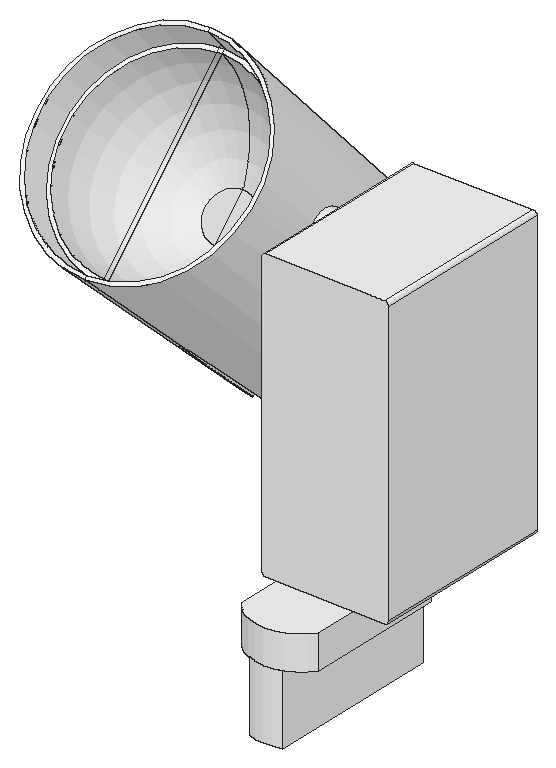
Revit family "0004876 Feilo Sylvania Lighting Fixture START TRACK SPOT S 24W 4K RA90 WB WHITE", category Lighting Fixtures, host Face, Revit 2017
Family settings
  Host = Face
  Round Connector Dimension = Use Diameter
  Part Type = Normal
  OmniClass Number = 23.80.70.00
  OmniClass Title = Lighting
  Cut with Voids When Loaded = No
  Light Source = No
  Shared = No
  Room Calculation Point = No
Parameters (values of type "0004876 START TRACK SPOT S 24W 4K RA90 WB WHITE")
  Weight = "0.966 kg"
  Wattage Comments = ""
  WarrantyStartDate [instance] = "n/a"
  WarrantyGuarantorParts = "n/a"
  WarrantyDurationUnit = "n/a"
  WarrantyDurationParts = "n/a"
  WarrantyDescription = "n/a"
  Voltage = 230 V
  URL = "http://www.sylvania-lighting.com"
  TypeName = "START TRACK SPOT S 24W 4K RA90 WB WHITE"
  TypeHead_FEILO = Start Track Spot Head : 0004876 START TRACK SPOT S 24W 4K RA90 WB WHITE
  TypeBox_FEILO = Start Track Spot Box : Type Small White
  Type Image = <None>
  Type Comments = "n/a"
  VerticalRotation_FEILO [instance] = 0.00°
  SlideEndAngle_FEILO [instance] = VerticalRotation_FEILO + 180.00°  # 180.00°
  SerialNumber [instance] = "n/a"
  Material_3_FEILO = none
  PowerFactor = 0.95
  PowerConsumption = "24 W"
  NominalLength = 0 mm
  NominalHeight = 200 mm
  NominalDepth = 140 mm
  Name = "START TRACK SPOT S 24W 4K RA90 WB WHITE"
  ModelReference = Name  # "START TRACK SPOT S 24W 4K RA90 WB WHITE"
  ModelNumber = "0004876"
  Model = Name  # "START TRACK SPOT S 24W 4K RA90 WB WHITE"
  Material = "adc12 aluminium housing, polycarbonate diffuser"
  ManufacturerName = "Feilo Sylvania"
  Manufacturer = "Feilo Sylvania"
  LuminousEfficacy = "87 lm/W"
  LuminaireType = ""
  LightOutputRatio = "100"
  LampsType = Lamp  # "LED"
  LampNominalLuminous = "2087 lm"
  LampMacAdamStep = "3"
  LampColourTemperature = "4000 K"
  LampColourRenderingIndex = "90"
  Lamp = "LED"
  Keynote = "16500"
  InstallationDate [instance] = "n/a"
  InputVoltage = "230-240V~"
  InputNominalFrequency = "50/60 Hz"
  IngressProtection = "IP20"
  ImpactProtectionIndex = "IK02"
  IfcExportType = "IfcLightFixtureType"
  IfcExportAs = "IfcLightFixtureType"
  HorizontalRotation_FEILO [instance] = 45.00°
  ExpectedLife = 50000
  ElectricShockClassification = "Class II"
  DurationUnit = "hours"
  DocumentationLiterature = "http://www.sylvania-lighting.com/product/en-int/products/0004876"
  DimmingControlOptions = "Non dimmable"
  Material_2_FEILO = none
  Description = "Integrated LED spotlight, Textured White - RAL9016, compact and minimalist design, ideal for retail applications, die-cast aluminium body, passive cooling heatsink. Beam angle: 64°, color temperature: 4000K , total system power: 24W, total fixture output: 2087 lm, LOR: 100%, colour rendering: Ra: 90 typical, LED Chromaticity: 3 step MacAdam ellipse, lifetime: >50000 hours at L70B50, energy class: A++, A+, A, IR/UV free light source without heat radiation, operating voltage: 220-240V / 50-60Hz, drive current: 600mA, electronic driver, non-dimmable, power factor: 0.95, electrical protection: Class II, Global Track 3 Phase adapter suitable for Global trac 3-circuit tracks, ingress protection rating: IP20, suitable for internal environment only, horizontal rotation: 355°, vertical tilt: 90°, dimensions: Ø86x140x200, weight: 0.966kg."
  Default Elevation = 1219.2 mm
  CreatedOn = "12/12/2017"
  CreatedBy = ""
  Cost = 0
  built-in parameter 1114216 [instance] = (empty or 0)
  ClassificationValue = "EF_70_80"
  ClassificationName = "Uniclass2015"
  Material_1_FEILO = Body-Sylvania-StartTrackSpot-White
  BarCode [instance] = "n/a"
  AssetType = "Fixed"
  AssetIdentifier [instance] = "n/a"
  Assembly Code = "D5020200"
  Apparent Load = 24 VA
  Material_4_FEILO = none
Reference planes
  plane 1 "Center (Front/Back)": y = 0
  plane 2: z = 0
  plane 3 "Center (Left/Right)": x = 0
  plane 4: x = 15
  plane 5: x = -15
  plane 6: y = 35
  plane 7: y = -35
  plane 8: z = 13
  plane 9: z = -27
  plane 10: x = 6.5
  plane 11: x = -6.5
  plane 12: y = 27
  plane 13: y = -27
  plane 14: y = 20
Forms (mm)
  Extrusion 1, solid, material "Body-Sylvania-StartTrackSpot-White" <- "Material_1_FEILO"
    sketch origin (0, 0, 0) x (1, 0, 0) y (0, 1, 0)
      loop
        line (-15, 27) -> (-15, -27)
        arc (-15, -27) -> (0, -35) -> (15, -27) r 18.062
        line (15, -27) -> (15, 27)
        arc (15, 27) -> (0, 35) -> (-15, 27) r 18.062
    from 0 to 13
  Extrusion 2, solid, material "Body-Sylvania-StartTrackSpot-White" <- "Material_1_FEILO"
    sketch origin (0, 0, 0) x (1, 0, 0) y (0, 1, 0)
      loop
        arc (6.5, 33.79) -> (0, 35) -> (-6.5, 33.79) r 18.062
        line (-6.5, 33.79) -> (-6.5, -33.79)
        arc (-6.5, -33.79) -> (0, -35) -> (6.5, -33.79) r 18.062
        line (6.5, -33.79) -> (6.5, 33.79)
    from 0 to -27
  Revolve 3, solid, not visible
    sketch origin (1524, 20, 1219.2) x (1, 0, 0) y (0, 0, 1)
      loop
        line (-1524, -1206.2) -> (-1524, -1191.285) -> (-1530.5, -1191.285) -> (-1530.5, -1206.2) -> (-1524, -1206.2)
      axis (-1524, -1191.285) -> (-1524, -1206.2)
    angle from 0 <- "VerticalRotation_FEILO" to 180 <- "SlideEndAngle_FEILO"
Cuts and joins
  joined: Extrusion 1, Extrusion 2
Dimensions and locks
  equal spacing: plane 10, plane 3 "Center (Left/Right)", plane 11
  equal spacing: plane 4, plane 3 "Center (Left/Right)", plane 5
  locked: plane 8 to plane 2 at 13
  locked: plane 8 to plane 9 at 40
  equal spacing: plane 13, plane 1 "Center (Front/Back)", plane 12
  locked: plane 12 to plane 6 at 8
  locked: plane 14 to plane 6 at 15
  locked: Revolve 3 sketch curve to plane 8 at 14.915
  aligned and locked: plane 2 to host face
  aligned and locked: level to host face
  aligned and locked: plane 5 to Extrusion 1 sketch curve  (x2)
  aligned and locked: plane 12 to Extrusion 1 sketch curve
  aligned and locked: plane 13 to Extrusion 1 sketch curve
  aligned and locked: plane 4 to Extrusion 1 sketch curve
  aligned and locked: Extrusion 1 to plane 8
  aligned and locked: Extrusion 1 to level
  aligned and locked: Extrusion 2 sketch curve to Extrusion 1  (x2)
  aligned and locked: Extrusion 2 sketch curve to plane 11
  aligned and locked: plane 10 to Extrusion 2 sketch curve
  aligned and locked: plane 9 to Extrusion 2
  aligned and locked: level to Extrusion 2
  aligned and locked: Revolve 3 sketch curve to plane 3 "Center (Left/Right)"  (x2)
  aligned and locked: plane 11 to Revolve 3 sketch curve
  aligned and locked: Revolve 3 sketch curve to plane 8
Automatic sketch dimensions
  host sketch curve to host sketch curve = 2438.4 mm  (x2)
  Extrusion 1 sketch curve to plane 3 "Center (Left/Right)" = 0 mm  (x2)
  Extrusion 1 sketch curve to plane 13 = 10.062 mm
  plane 12 to Extrusion 1 sketch curve = 10.062 mm
  Revolve 3 sketch curve to plane 3 "Center (Left/Right)" = 0 mm
  plane 9 to Revolve 3 sketch curve = 582.6 mm
  Revolve 3 sketch curve to Revolve 3 sketch curve = 2581.144 mm
Nested families
  nested 1: "Start Track Spot Head" at (-62, 20, 112.529) x (0, 0.7071, 0.7071) z (0, 0.7071, -0.7071), type <- "TypeHead_FEILO", type "0004876 START TRACK SPOT S 24W 4K RA90 WB WHITE"
    with built-in parameter 1114216 (empty or 0)
  nested 2: "Start Track Spot Box" at (8.5, 20, 73) x (-1, 0, 0) z (0, -1, 0), BoxStartAngle_FEILO <- "HorizontalRotation_FEILO", type <- "TypeBox_FEILO", type "Type Small White"
    with BoxStartAngle_FEILO 45.00°, BoxEndAngle_FEILO -135.00°
Connectors
  electrical at (0, 0, 0), driven by "Apparent Load", driven by "PowerFactor", driven by "Voltage"
    settings: index 1, voltage 230 V, apparent load 24 VA, apparent load phase1 0 VA, apparent load phase2 0 VA, apparent load phase3 0 VA, power factor 0.95, load classification "Lighting", number of poles 1, system type 30, power factor state 1, is connector primary yes, connector utility no, sub classification motor no, connector description ""
Definition of nested family "Start Track Spot Head"
  Parameters (values of type "0004811 START TRACK SPOT S 14W 3K RA80 NB WHITE")
    Wattage Comments = "n/a"
    Wattage = 14 W
    built-in parameter 1150110 = 1 (stored number, unit not read)
    URL = "http://www.feilosylvania.com"
    Type Image = (empty or 0)
    Type Comments = "n/a"
    built-in parameter 1114217 = 1 (stored number, unit not read)
    Tilt Angle = -90.00°
    built-in parameter 1150109 = 1 (stored number, unit not read)
    built-in parameter 1150134 = (empty or 0)
    built-in parameter 1150113 = 1 (stored number, unit not read)
    Photometric Web File = "0004811.ies"
    Material_3_FEILO = none
    Model = "START TRACK SPOT S 14W 3K RA80 NB WHITE"
    Manufacturer = "Feilo Sylvania"
    built-in parameter 1150105 = 123.66 (stored number, unit not read)
    Lumens = 1554 lm
    built-in parameter 1150115 = 1 (stored number, unit not read)
    built-in parameter 1150137 = (empty or 0)
    built-in parameter 1150139 = (empty or 0)
    built-in parameter 1150112 = 1 (stored number, unit not read)
    built-in parameter 1150114 = 1 (stored number, unit not read)
    Lamp = "LED"
    Keynote = "16500"
    Material_2_FEILO = none
    built-in parameter 1150132 = (empty or 0)
    built-in parameter 1150102 = (empty or 0)
    built-in parameter 1150107 = 3000 (stored number, unit not read)
    built-in parameter 1150138 = (empty or 0)
    built-in parameter 1150106 = 1.2366 (stored number, unit not read)
    HeadThickness_FEILO = if(HeadDiaOut_FEILO > 112 mm, 2 mm, 1.5 mm)  # 1.5 mm
    HeadRibOffset_FEILO = HeadHeight_FEILO / 28  # 4.179 mm
    HeadRibDepth_FEILO = HeadHeight_FEILO / 2.1  # 55.714 mm
    HeadRibCutWidth_FEILO = HeadDiaOut_FEILO / 12  # 7.167 mm
    HeadRibCutOffset_FEILO = HeadHeight_FEILO / 2.3  # 50.87 mm
    HeadReflectorRadius_FEILO = HeadDiaOut_FEILO / 1.7  # 50.588 mm
    HeadReflectorOffset_FEILO = HeadHeight_FEILO / 2.1  # 55.714 mm
    HeadLEDRadius_FEILO = HeadDiaOut_FEILO / 9  # 9.556 mm
    HeadHeight_FEILO = 117 mm
    HeadDraft_FEILO = 1 mm
    HeadDiffusorThickness_FEILO = 3 mm
    HeadDiffusorOffset_FEILO = HeadHeight_FEILO / 12.4  # 9.435 mm
    HeadDiaOut_FEILO = 86 mm
    HeadDiaIn_FEILO = HeadDiaOut_FEILO / 1.11  # 77.477 mm
    HeadAxisFromTop_FEILO = HeadHeight_FEILO / 1.687  # 69.354 mm
    Emit from Circle Diameter = HeadDiaIn_FEILO  # 77.477 mm
    Emit Shape Visible in Rendering = no
    built-in parameter 1150104 = 10.312 (stored number, unit not read)
    Dimming Lamp Color Temperature Shift = (empty or 0)
    Description = "Integrated LED spotlight, Textured White - RAL9016, compact and minimalist design, ideal for retail applications, die-cast aluminium body, passive cooling heatsink. Beam angle: 12°, color temperature: 3000K , total system power: 14W, total fixture output: 1551 lm, LOR: 100%, colour rendering: Ra: 80 typical, LED Chromaticity: 3 step MacAdam ellipse, lifetime: >50000 hours at L70B50, energy class: A++, A+, A, IR/UV free light source without heat radiation, operating voltage: 220-240V / 50-60Hz, drive current: 350mA, electronic driver, non-dimmable, power factor: 0.92, electrical protection: Class II, Global Track 3 Phase adapter suitable for Global trac 3-circuit tracks, ingress protection rating: IP20, suitable for internal environment only, horizontal rotation: 355°, vertical tilt: 90°, dimensions: Ø86x140x200, weight: 0.940kg."
    Default Elevation = 1219.2 mm
    Cost = 0
    Color Filter = 16777215
    built-in parameter 1114216 [instance] = (empty or 0)
    Material_1_FEILO = none
    built-in parameter 1114218 = 1 (stored number, unit not read)
    built-in parameter 1150133 = 10 (stored number, unit not read)
    Assembly Code = "D5020200"
    Apparent Load = 14 VA
    Material_4_FEILO = none
  Types (96, lengths in mm): name | Wattage | built-in parameter 1150134 | Photometric Web File | Model | built-in parameter 1150105 | Lumens | built-in parameter 1150107 | built-in parameter 1150106 | HeadThickness_FEILO | HeadRibOffset_FEILO | HeadRibDepth_FEILO | HeadRibCutWidth_FEILO | HeadRibCutOffset_FEILO | HeadReflectorRadius_FEILO | HeadReflectorOffset_FEILO | HeadLEDRadius_FEILO | HeadHeight_FEILO | HeadDiffusorOffset_FEILO | HeadDiaOut_FEILO | HeadDiaIn_FEILO | HeadAxisFromTop_FEILO | Emit from Circle Diameter | built-in parameter 1150104 | Description | Apparent Load
    0004906 START TRACK SPOT L 55W 4K RA90 WB BLACK | 55 W | 12 | "0004906.ies" | "START TRACK SPOT L 55W 4K RA90 WB BLACK" | 385.15 (stored number, unit not read) | 4840 lm | 4000 (stored number, unit not read) | 3.8515 (stored number, unit not read) | 2 | 4.429 | 59.048 | 9.417 | 53.913 | 66.471 | 59.048 | 12.556 | 124 | 10 | 113 | 101.802 | 73.503 | 101.802 | 8.1755 (stored number, unit not read) | "Integrated LED spotlight, Textured Black - RAL9005, compact and minimalist design, ideal for retail applications, die-cast aluminium body, passive cooling heatsink. Beam angle: 52°, color temperature: 4000K , total system power: 55W, total fixture output: 4824 lm, LOR: 100%, colour rendering: Ra: 90 typical, LED Chromaticity: 3 step MacAdam ellipse, lifetime: >50000 hours at L70B50, energy class: A++, A+, A, IR/UV free light source without heat radiation, operating voltage: 220-240V / 50-60Hz, drive current: 1400mA, electronic driver, non-dimmable, power factor: 0.96, electrical protection: Class II, Global Track 3 Phase adapter suitable for Global trac 3-circuit tracks, ingress protection rating: IP20, suitable for internal environment only, horizontal rotation: 355°, vertical tilt: 90°, dimensions: Ø113x164x240, weight: 1.398kg." | 55 VA
    0004905 START TRACK SPOT L 55W 4K RA90 MB BLACK | 55 W | 12 | "0004905.ies" | "START TRACK SPOT L 55W 4K RA90 MB BLACK" | 389.53 (stored number, unit not read) | 4895 lm | 4000 (stored number, unit not read) | 3.8953 (stored number, unit not read) | 2 | 4.429 | 59.048 | 9.417 | 53.913 | 66.471 | 59.048 | 12.556 | 124 | 10 | 113 | 101.802 | 73.503 | 101.802 | 8.2684 (stored number, unit not read) | "Integrated LED spotlight, Textured Black - RAL9005, compact and minimalist design, ideal for retail applications, die-cast aluminium body, passive cooling heatsink. Beam angle: 38°, color temperature: 4000K , total system power: 55W, total fixture output: 4897 lm, LOR: 100%, colour rendering: Ra: 90 typical, LED Chromaticity: 3 step MacAdam ellipse, lifetime: >50000 hours at L70B50, energy class: A++, A+, A, IR/UV free light source without heat radiation, operating voltage: 220-240V / 50-60Hz, drive current: 1400mA, electronic driver, non-dimmable, power factor: 0.96, electrical protection: Class II, Global Track 3 Phase adapter suitable for Global trac 3-circuit tracks, ingress protection rating: IP20, suitable for internal environment only, horizontal rotation: 355°, vertical tilt: 90°, dimensions: Ø113x164x240, weight: 1.398kg." | 55 VA
    0004904 START TRACK SPOT L 55W 4K RA90 NB BLACK | 55 W | 12 | "0004904.ies" | "START TRACK SPOT L 55W 4K RA90 NB BLACK" | 393.91 (stored number, unit not read) | 4950 lm | 4000 (stored number, unit not read) | 3.9391 (stored number, unit not read) | 2 | 4.429 | 59.048 | 9.417 | 53.913 | 66.471 | 59.048 | 12.556 | 124 | 10 | 113 | 101.802 | 73.503 | 101.802 | 8.3613 (stored number, unit not read) | "Integrated LED spotlight, Textured Black - RAL9005, compact and minimalist design, ideal for retail applications, die-cast aluminium body, passive cooling heatsink. Beam angle: 15°, color temperature: 4000K , total system power: 55W, total fixture output: 4965 lm, LOR: 100%, colour rendering: Ra: 90 typical, LED Chromaticity: 3 step MacAdam ellipse, lifetime: >50000 hours at L70B50, energy class: A++, A+, A, IR/UV free light source without heat radiation, operating voltage: 220-240V / 50-60Hz, drive current: 1400mA, electronic driver, non-dimmable, power factor: 0.96, electrical protection: Class II, Global Track 3 Phase adapter suitable for Global trac 3-circuit tracks, ingress protection rating: IP20, suitable for internal environment only, horizontal rotation: 355°, vertical tilt: 90°, dimensions: Ø113x164x240, weight: 1.398kg." | 55 VA
    0004903 START TRACK SPOT L 35W 4K RA90 WB BLACK | 35 W | 12 | "0004903.ies" | "START TRACK SPOT L 35W 4K RA90 WB BLACK" | 284.09 (stored number, unit not read) | 3570 lm | 4000 (stored number, unit not read) | 2.8409 (stored number, unit not read) | 2 | 4.429 | 59.048 | 9.417 | 53.913 | 66.471 | 59.048 | 12.556 | 124 | 10 | 113 | 101.802 | 73.503 | 101.802 | 9.4761 (stored number, unit not read) | "Integrated LED spotlight, Textured Black - RAL9005, compact and minimalist design, ideal for retail applications, die-cast aluminium body, passive cooling heatsink. Beam angle: 52°, color temperature: 4000K , total system power: 35W, total fixture output: 3562 lm, LOR: 100%, colour rendering: Ra: 90 typical, LED Chromaticity: 3 step MacAdam ellipse, lifetime: >50000 hours at L70B50, energy class: A++, A+, A, IR/UV free light source without heat radiation, operating voltage: 220-240V / 50-60Hz, drive current: 900mA, electronic driver, non-dimmable, power factor: 0.93, electrical protection: Class II, Global Track 3 Phase adapter suitable for Global trac 3-circuit tracks, ingress protection rating: IP20, suitable for internal environment only, horizontal rotation: 355°, vertical tilt: 90°, dimensions: Ø113x164x240, weight: 1.368kg." | 35 VA
    0004902 START TRACK SPOT L 35W 4K RA90 MB BLACK | 35 W | 12 | "0004902.ies" | "START TRACK SPOT L 35W 4K RA90 MB BLACK" | 286.88 (stored number, unit not read) | 3605 lm | 4000 (stored number, unit not read) | 2.8688 (stored number, unit not read) | 2 | 4.429 | 59.048 | 9.417 | 53.913 | 66.471 | 59.048 | 12.556 | 124 | 10 | 113 | 101.802 | 73.503 | 101.802 | 9.569 (stored number, unit not read) | "Integrated LED spotlight, Textured Black - RAL9005, compact and minimalist design, ideal for retail applications, die-cast aluminium body, passive cooling heatsink. Beam angle: 38°, color temperature: 4000K , total system power: 35W, total fixture output: 3616 lm, LOR: 100%, colour rendering: Ra: 90 typical, LED Chromaticity: 3 step MacAdam ellipse, lifetime: >50000 hours at L70B50, energy class: A++, A+, A, IR/UV free light source without heat radiation, operating voltage: 220-240V / 50-60Hz, drive current: 900mA, electronic driver, non-dimmable, power factor: 0.93, electrical protection: Class II, Global Track 3 Phase adapter suitable for Global trac 3-circuit tracks, ingress protection rating: IP20, suitable for internal environment only, horizontal rotation: 355°, vertical tilt: 90°, dimensions: Ø113x164x240, weight: 1.368kg." | 35 VA
    0004901 START TRACK SPOT L 35W 4K RA90 NB BLACK | 35 W | 12 | "0004901.ies" | "START TRACK SPOT L 35W 4K RA90 NB BLACK" | 286.88 (stored number, unit not read) | 3605 lm | 4000 (stored number, unit not read) | 2.8688 (stored number, unit not read) | 2 | 4.429 | 59.048 | 9.417 | 53.913 | 66.471 | 59.048 | 12.556 | 124 | 10 | 113 | 101.802 | 73.503 | 101.802 | 9.569 (stored number, unit not read) | "Integrated LED spotlight, Textured Black - RAL9005, compact and minimalist design, ideal for retail applications, die-cast aluminium body, passive cooling heatsink. Beam angle: 15°, color temperature: 4000K , total system power: 35W, total fixture output: 3593 lm, LOR: 100%, colour rendering: Ra: 90 typical, LED Chromaticity: 3 step MacAdam ellipse, lifetime: >50000 hours at L70B50, energy class: A++, A+, A, IR/UV free light source without heat radiation, operating voltage: 220-240V / 50-60Hz, drive current: 900mA, electronic driver, non-dimmable, power factor: 0.93, electrical protection: Class II, Global Track 3 Phase adapter suitable for Global trac 3-circuit tracks, ingress protection rating: IP20, suitable for internal environment only, horizontal rotation: 355°, vertical tilt: 90°, dimensions: Ø113x164x240, weight: 1.368kg." | 35 VA
    0004900 START TRACK SPOT S 24W 4K RA90 WB BLACK | 24 W | 12 | "0004900.ies" | "START TRACK SPOT S 24W 4K RA90 WB BLACK" | 166.16 (stored number, unit not read) | 2088 lm | 4000 (stored number, unit not read) | 1.6616 (stored number, unit not read) | 1.5 | 4.179 | 55.714 | 7.167 | 50.87 | 50.588 | 55.714 | 9.556 | 117 | 9.435 | 86 | 77.477 | 69.354 | 77.477 | 8.0826 (stored number, unit not read) | "Integrated LED spotlight, Textured Black - RAL9005, compact and minimalist design, ideal for retail applications, die-cast aluminium body, passive cooling heatsink. Beam angle: 64°, color temperature: 4000K , total system power: 24W, total fixture output: 2087 lm, LOR: 100%, colour rendering: Ra: 90 typical, LED Chromaticity: 3 step MacAdam ellipse, lifetime: >50000 hours at L70B50, energy class: A++, A+, A, IR/UV free light source without heat radiation, operating voltage: 220-240V / 50-60Hz, drive current: 600mA, electronic driver, non-dimmable, power factor: 0.95, electrical protection: Class II, Global Track 3 Phase adapter suitable for Global trac 3-circuit tracks, ingress protection rating: IP20, suitable for internal environment only, horizontal rotation: 355°, vertical tilt: 90°, dimensions: Ø86x140x200, weight: 0.966kg." | 24 VA
    0004899 START TRACK SPOT S 24W 4K RA90 MB BLACK | 24 W | 12 | "0004899.ies" | "START TRACK SPOT S 24W 4K RA90 MB BLACK" | 169.98 (stored number, unit not read) | 2136 lm | 4000 (stored number, unit not read) | 1.6998 (stored number, unit not read) | 1.5 | 4.179 | 55.714 | 7.167 | 50.87 | 50.588 | 55.714 | 9.556 | 117 | 9.435 | 86 | 77.477 | 69.354 | 77.477 | 8.2684 (stored number, unit not read) | "Integrated LED spotlight, Textured Black - RAL9005, compact and minimalist design, ideal for retail applications, die-cast aluminium body, passive cooling heatsink. Beam angle: 36°, color temperature: 4000K , total system power: 24W, total fixture output: 2141 lm, LOR: 100%, colour rendering: Ra: 90 typical, LED Chromaticity: 3 step MacAdam ellipse, lifetime: >50000 hours at L70B50, energy class: A++, A+, A, IR/UV free light source without heat radiation, operating voltage: 220-240V / 50-60Hz, drive current: 600mA, electronic driver, non-dimmable, power factor: 0.95, electrical protection: Class II, Global Track 3 Phase adapter suitable for Global trac 3-circuit tracks, ingress protection rating: IP20, suitable for internal environment only, horizontal rotation: 355°, vertical tilt: 90°, dimensions: Ø86x140x200, weight: 0.966kg." | 24 VA
    0004898 START TRACK SPOT S 24W 4K RA90 NB BLACK | 24 W | 12 | "0004898.ies" | "START TRACK SPOT S 24W 4K RA90 NB BLACK" | 171.89 (stored number, unit not read) | 2160 lm | 4000 (stored number, unit not read) | 1.7189 (stored number, unit not read) | 1.5 | 4.179 | 55.714 | 7.167 | 50.87 | 50.588 | 55.714 | 9.556 | 117 | 9.435 | 86 | 77.477 | 69.354 | 77.477 | 8.3613 (stored number, unit not read) | "Integrated LED spotlight, Textured Black - RAL9005, compact and minimalist design, ideal for retail applications, die-cast aluminium body, passive cooling heatsink. Beam angle: 12°, color temperature: 4000K , total system power: 24W, total fixture output: 2155 lm, LOR: 100%, colour rendering: Ra: 90 typical, LED Chromaticity: 3 step MacAdam ellipse, lifetime: >50000 hours at L70B50, energy class: A++, A+, A, IR/UV free light source without heat radiation, operating voltage: 220-240V / 50-60Hz, drive current: 600mA, electronic driver, non-dimmable, power factor: 0.95, electrical protection: Class II, Global Track 3 Phase adapter suitable for Global trac 3-circuit tracks, ingress protection rating: IP20, suitable for internal environment only, horizontal rotation: 355°, vertical tilt: 90°, dimensions: Ø86x140x200, weight: 0.966kg." | 24 VA
    0004897 START TRACK SPOT S 14W 4K RA90 WB BLACK | 14 W | 12 | "0004897.ies" | "START TRACK SPOT S 14W 4K RA90 WB BLACK" | 108.07 (stored number, unit not read) | 1358 lm | 4000 (stored number, unit not read) | 1.0807 (stored number, unit not read) | 1.5 | 4.179 | 55.714 | 7.167 | 50.87 | 50.588 | 55.714 | 9.556 | 117 | 9.435 | 86 | 77.477 | 69.354 | 77.477 | 9.0116 (stored number, unit not read) | "Integrated LED spotlight, Textured Black - RAL9005, compact and minimalist design, ideal for retail applications, die-cast aluminium body, passive cooling heatsink. Beam angle: 64°, color temperature: 4000K , total system power: 14W, total fixture output: 1352 lm, LOR: 100%, colour rendering: Ra: 90 typical, LED Chromaticity: 3 step MacAdam ellipse, lifetime: >50000 hours at L70B50, energy class: A++, A+, A, IR/UV free light source without heat radiation, operating voltage: 220-240V / 50-60Hz, drive current: 350mA, electronic driver, non-dimmable, power factor: 0.92, electrical protection: Class II, Global Track 3 Phase adapter suitable for Global trac 3-circuit tracks, ingress protection rating: IP20, suitable for internal environment only, horizontal rotation: 355°, vertical tilt: 90°, dimensions: Ø86x140x200, weight: 0.940kg." | 14 VA
    0004896 START TRACK SPOT S 14W 4K RA90 MB BLACK | 14 W | 12 | "0004896.ies" | "START TRACK SPOT S 14W 4K RA90 MB BLACK" | 108.07 (stored number, unit not read) | 1358 lm | 4000 (stored number, unit not read) | 1.0807 (stored number, unit not read) | 1.5 | 4.179 | 55.714 | 7.167 | 50.87 | 50.588 | 55.714 | 9.556 | 117 | 9.435 | 86 | 77.477 | 69.354 | 77.477 | 9.0116 (stored number, unit not read) | "Integrated LED spotlight, Textured Black - RAL9005, compact and minimalist design, ideal for retail applications, die-cast aluminium body, passive cooling heatsink. Beam angle: 36°, color temperature: 4000K , total system power: 14W, total fixture output: 1359 lm, LOR: 100%, colour rendering: Ra: 90 typical, LED Chromaticity: 3 step MacAdam ellipse, lifetime: >50000 hours at L70B50, energy class: A++, A+, A, IR/UV free light source without heat radiation, operating voltage: 220-240V / 50-60Hz, drive current: 350mA, electronic driver, non-dimmable, power factor: 0.92, electrical protection: Class II, Global Track 3 Phase adapter suitable for Global trac 3-circuit tracks, ingress protection rating: IP20, suitable for internal environment only, horizontal rotation: 355°, vertical tilt: 90°, dimensions: Ø86x140x200, weight: 0.940kg." | 14 VA
    0004895 START TRACK SPOT S 14W 4K RA90 NB BLACK | 14 W | 12 | "0004895.ies" | "START TRACK SPOT S 14W 4K RA90 NB BLACK" | 106.95 (stored number, unit not read) | 1344 lm | 4000 (stored number, unit not read) | 1.0695 (stored number, unit not read) | 1.5 | 4.179 | 55.714 | 7.167 | 50.87 | 50.588 | 55.714 | 9.556 | 117 | 9.435 | 86 | 77.477 | 69.354 | 77.477 | 8.9187 (stored number, unit not read) | "Integrated LED spotlight, Textured Black - RAL9005, compact and minimalist design, ideal for retail applications, die-cast aluminium body, passive cooling heatsink. Beam angle: 12°, color temperature: 4000K , total system power: 14W, total fixture output: 1349 lm, LOR: 100%, colour rendering: Ra: 90 typical, LED Chromaticity: 3 step MacAdam ellipse, lifetime: >50000 hours at L70B50, energy class: A++, A+, A, IR/UV free light source without heat radiation, operating voltage: 220-240V / 50-60Hz, drive current: 350mA, electronic driver, non-dimmable, power factor: 0.92, electrical protection: Class II, Global Track 3 Phase adapter suitable for Global trac 3-circuit tracks, ingress protection rating: IP20, suitable for internal environment only, horizontal rotation: 355°, vertical tilt: 90°, dimensions: Ø86x140x200, weight: 0.940kg." | 14 VA
    0004894 START TRACK SPOT L 55W 3K RA90 WB BLACK | 55 W | (empty or 0) | "0004894.ies" | "START TRACK SPOT L 55W 3K RA90 WB BLACK" | 350.14 (stored number, unit not read) | 4400 lm | 3000 (stored number, unit not read) | 3.5014 (stored number, unit not read) | 2 | 4.429 | 59.048 | 9.417 | 53.913 | 66.471 | 59.048 | 12.556 | 124 | 10 | 113 | 101.802 | 73.503 | 101.802 | 7.4322 (stored number, unit not read) | "Integrated LED spotlight, Textured Black - RAL9005, compact and minimalist design, ideal for retail applications, die-cast aluminium body, passive cooling heatsink. Beam angle: 52°, color temperature: 3000K , total system power: 55W, total fixture output: 4405 lm, LOR: 100%, colour rendering: Ra: 90 typical, LED Chromaticity: 3 step MacAdam ellipse, lifetime: >50000 hours at L70B50, energy class: A++, A+, A, IR/UV free light source without heat radiation, operating voltage: 220-240V / 50-60Hz, drive current: 1400mA, electronic driver, non-dimmable, power factor: 0.96, electrical protection: Class II, Global Track 3 Phase adapter suitable for Global trac 3-circuit tracks, ingress protection rating: IP20, suitable for internal environment only, horizontal rotation: 355°, vertical tilt: 90°, dimensions: Ø113x164x240, weight: 1.398kg." | 55 VA
    0004893 START TRACK SPOT L 55W 3K RA90 MB BLACK | 55 W | (empty or 0) | "0004893.ies" | "START TRACK SPOT L 55W 3K RA90 MB BLACK" | 354.52 (stored number, unit not read) | 4455 lm | 3000 (stored number, unit not read) | 3.5452 (stored number, unit not read) | 2 | 4.429 | 59.048 | 9.417 | 53.913 | 66.471 | 59.048 | 12.556 | 124 | 10 | 113 | 101.802 | 73.503 | 101.802 | 7.5251 (stored number, unit not read) | "Integrated LED spotlight, Textured Black - RAL9005, compact and minimalist design, ideal for retail applications, die-cast aluminium body, passive cooling heatsink. Beam angle: 38°, color temperature: 3000K , total system power: 55W, total fixture output: 4448 lm, LOR: 100%, colour rendering: Ra: 90 typical, LED Chromaticity: 3 step MacAdam ellipse, lifetime: >50000 hours at L70B50, energy class: A++, A+, A, IR/UV free light source without heat radiation, operating voltage: 220-240V / 50-60Hz, drive current: 1400mA, electronic driver, non-dimmable, power factor: 0.96, electrical protection: Class II, Global Track 3 Phase adapter suitable for Global trac 3-circuit tracks, ingress protection rating: IP20, suitable for internal environment only, horizontal rotation: 355°, vertical tilt: 90°, dimensions: Ø113x164x240, weight: 1.398kg." | 55 VA
    0004892 START TRACK SPOT L 55W 3K RA90 NB BLACK | 55 W | (empty or 0) | "0004892.ies" | "START TRACK SPOT L 55W 3K RA90 NB BLACK" | 350.14 (stored number, unit not read) | 4400 lm | 3000 (stored number, unit not read) | 3.5014 (stored number, unit not read) | 2 | 4.429 | 59.048 | 9.417 | 53.913 | 66.471 | 59.048 | 12.556 | 124 | 10 | 113 | 101.802 | 73.503 | 101.802 | 7.4322 (stored number, unit not read) | "Integrated LED spotlight, Textured Black - RAL9005, compact and minimalist design, ideal for retail applications, die-cast aluminium body, passive cooling heatsink. Beam angle: 15°, color temperature: 3000K , total system power: 55W, total fixture output: 4416 lm, LOR: 100%, colour rendering: Ra: 90 typical, LED Chromaticity: 3 step MacAdam ellipse, lifetime: >50000 hours at L70B50, energy class: A++, A+, A, IR/UV free light source without heat radiation, operating voltage: 220-240V / 50-60Hz, drive current: 1400mA, electronic driver, non-dimmable, power factor: 0.96, electrical protection: Class II, Global Track 3 Phase adapter suitable for Global trac 3-circuit tracks, ingress protection rating: IP20, suitable for internal environment only, horizontal rotation: 355°, vertical tilt: 90°, dimensions: Ø113x164x240, weight: 1.398kg." | 55 VA
    0004891 START TRACK SPOT L 35W 3K RA90 WB BLACK | 35 W | (empty or 0) | "0004891.ies" | "START TRACK SPOT L 35W 3K RA90 WB BLACK" | 259.02 (stored number, unit not read) | 3255 lm | 3000 (stored number, unit not read) | 2.5902 (stored number, unit not read) | 2 | 4.429 | 59.048 | 9.417 | 53.913 | 66.471 | 59.048 | 12.556 | 124 | 10 | 113 | 101.802 | 73.503 | 101.802 | 8.64 (stored number, unit not read) | "Integrated LED spotlight, Textured Black - RAL9005, compact and minimalist design, ideal for retail applications, die-cast aluminium body, passive cooling heatsink. Beam angle: 52°, color temperature: 3000K , total system power: 35W, total fixture output: 3260 lm, LOR: 100%, colour rendering: Ra: 90 typical, LED Chromaticity: 3 step MacAdam ellipse, lifetime: >50000 hours at L70B50, energy class: A++, A+, A, IR/UV free light source without heat radiation, operating voltage: 220-240V / 50-60Hz, drive current: 900mA, electronic driver, non-dimmable, power factor: 0.93, electrical protection: Class II, Global Track 3 Phase adapter suitable for Global trac 3-circuit tracks, ingress protection rating: IP20, suitable for internal environment only, horizontal rotation: 355°, vertical tilt: 90°, dimensions: Ø113x164x240, weight: 1.368kg." | 35 VA
    0004890 START TRACK SPOT L 35W 3K RA90 MB BLACK | 35 W | (empty or 0) | "0004890.ies" | "START TRACK SPOT L 35W 3K RA90 MB BLACK" | 261.81 (stored number, unit not read) | 3290 lm | 3000 (stored number, unit not read) | 2.6181 (stored number, unit not read) | 2 | 4.429 | 59.048 | 9.417 | 53.913 | 66.471 | 59.048 | 12.556 | 124 | 10 | 113 | 101.802 | 73.503 | 101.802 | 8.7329 (stored number, unit not read) | "Integrated LED spotlight, Textured Black - RAL9005, compact and minimalist design, ideal for retail applications, die-cast aluminium body, passive cooling heatsink. Beam angle: 38°, color temperature: 3000K , total system power: 35W, total fixture output: 3306 lm, LOR: 100%, colour rendering: Ra: 90 typical, LED Chromaticity: 3 step MacAdam ellipse, lifetime: >50000 hours at L70B50, energy class: A++, A+, A, IR/UV free light source without heat radiation, operating voltage: 220-240V / 50-60Hz, drive current: 900mA, electronic driver, non-dimmable, power factor: 0.93, electrical protection: Class II, Global Track 3 Phase adapter suitable for Global trac 3-circuit tracks, ingress protection rating: IP20, suitable for internal environment only, horizontal rotation: 355°, vertical tilt: 90°, dimensions: Ø113x164x240, weight: 1.368kg." | 35 VA
    0004889 START TRACK SPOT L 35W 3K RA90 NB BLACK | 35 W | (empty or 0) | "0004889.ies" | "START TRACK SPOT L 35W 3K RA90 NB BLACK" | 261.81 (stored number, unit not read) | 3290 lm | 3000 (stored number, unit not read) | 2.6181 (stored number, unit not read) | 2 | 4.429 | 59.048 | 9.417 | 53.913 | 66.471 | 59.048 | 12.556 | 124 | 10 | 113 | 101.802 | 73.503 | 101.802 | 8.7329 (stored number, unit not read) | "Integrated LED spotlight, Textured Black - RAL9005, compact and minimalist design, ideal for retail applications, die-cast aluminium body, passive cooling heatsink. Beam angle: 15°, color temperature: 3000K , total system power: 35W, total fixture output: 3287 lm, LOR: 100%, colour rendering: Ra: 90 typical, LED Chromaticity: 3 step MacAdam ellipse, lifetime: >50000 hours at L70B50, energy class: A++, A+, A, IR/UV free light source without heat radiation, operating voltage: 220-240V / 50-60Hz, drive current: 900mA, electronic driver, non-dimmable, power factor: 0.93, electrical protection: Class II, Global Track 3 Phase adapter suitable for Global trac 3-circuit tracks, ingress protection rating: IP20, suitable for internal environment only, horizontal rotation: 355°, vertical tilt: 90°, dimensions: Ø113x164x240, weight: 1.368kg." | 35 VA
    0004888 START TRACK SPOT S 24W 3K RA90 WB BLACK | 24 W | (empty or 0) | "0004888.ies" | "START TRACK SPOT S 24W 3K RA90 WB BLACK" | 152.79 (stored number, unit not read) | 1920 lm | 3000 (stored number, unit not read) | 1.5279 (stored number, unit not read) | 1.5 | 4.179 | 55.714 | 7.167 | 50.87 | 50.588 | 55.714 | 9.556 | 117 | 9.435 | 86 | 77.477 | 69.354 | 77.477 | 7.4322 (stored number, unit not read) | "Integrated LED spotlight, Textured Black - RAL9005, compact and minimalist design, ideal for retail applications, die-cast aluminium body, passive cooling heatsink. Beam angle: 64°, color temperature: 3000K , total system power: 24W, total fixture output: 1928 lm, LOR: 100%, colour rendering: Ra: 90 typical, LED Chromaticity: 3 step MacAdam ellipse, lifetime: >50000 hours at L70B50, energy class: A++, A+, A, IR/UV free light source without heat radiation, operating voltage: 220-240V / 50-60Hz, drive current: 600mA, electronic driver, non-dimmable, power factor: 0.95, electrical protection: Class II, Global Track 3 Phase adapter suitable for Global trac 3-circuit tracks, ingress protection rating: IP20, suitable for internal environment only, horizontal rotation: 355°, vertical tilt: 90°, dimensions: Ø86x140x200, weight: 0.966kg." | 24 VA
    0004887 START TRACK SPOT S 24W 3K RA90 MB BLACK | 24 W | (empty or 0) | "0004887.ies" | "START TRACK SPOT S 24W 3K RA90 MB BLACK" | 154.7 (stored number, unit not read) | 1944 lm | 3000 (stored number, unit not read) | 1.547 (stored number, unit not read) | 1.5 | 4.179 | 55.714 | 7.167 | 50.87 | 50.588 | 55.714 | 9.556 | 117 | 9.435 | 86 | 77.477 | 69.354 | 77.477 | 7.5251 (stored number, unit not read) | "Integrated LED spotlight, Textured Black - RAL9005, compact and minimalist design, ideal for retail applications, die-cast aluminium body, passive cooling heatsink. Beam angle: 36°, color temperature: 3000K , total system power: 24W, total fixture output: 1944 lm, LOR: 100%, colour rendering: Ra: 90 typical, LED Chromaticity: 3 step MacAdam ellipse, lifetime: >50000 hours at L70B50, energy class: A++, A+, A, IR/UV free light source without heat radiation, operating voltage: 220-240V / 50-60Hz, drive current: 600mA, electronic driver, non-dimmable, power factor: 0.95, electrical protection: Class II, Global Track 3 Phase adapter suitable for Global trac 3-circuit tracks, ingress protection rating: IP20, suitable for internal environment only, horizontal rotation: 355°, vertical tilt: 90°, dimensions: Ø86x140x200, weight: 0.966kg." | 24 VA
    0004886 START TRACK SPOT S 24W 3K RA90 NB BLACK | 24 W | (empty or 0) | "0004886.ies" | "START TRACK SPOT S 24W 3K RA90 NB BLACK" | 158.52 (stored number, unit not read) | 1992 lm | 3000 (stored number, unit not read) | 1.5852 (stored number, unit not read) | 1.5 | 4.179 | 55.714 | 7.167 | 50.87 | 50.588 | 55.714 | 9.556 | 117 | 9.435 | 86 | 77.477 | 69.354 | 77.477 | 7.711 (stored number, unit not read) | "Integrated LED spotlight, Textured Black - RAL9005, compact and minimalist design, ideal for retail applications, die-cast aluminium body, passive cooling heatsink. Beam angle: 12°, color temperature: 3000K , total system power: 24W, total fixture output: 1987 lm, LOR: 100%, colour rendering: Ra: 90 typical, LED Chromaticity: 3 step MacAdam ellipse, lifetime: >50000 hours at L70B50, energy class: A++, A+, A, IR/UV free light source without heat radiation, operating voltage: 220-240V / 50-60Hz, drive current: 600mA, electronic driver, non-dimmable, power factor: 0.95, electrical protection: Class II, Global Track 3 Phase adapter suitable for Global trac 3-circuit tracks, ingress protection rating: IP20, suitable for internal environment only, horizontal rotation: 355°, vertical tilt: 90°, dimensions: Ø86x140x200, weight: 0.966kg." | 24 VA
    0004885 START TRACK SPOT S 14W 3K RA90 WB BLACK | 14 W | (empty or 0) | "0004885.ies" | "START TRACK SPOT S 14W 3K RA90 WB BLACK" | 100.27 (stored number, unit not read) | 1260 lm | 3000 (stored number, unit not read) | 1.0027 (stored number, unit not read) | 1.5 | 4.179 | 55.714 | 7.167 | 50.87 | 50.588 | 55.714 | 9.556 | 117 | 9.435 | 86 | 77.477 | 69.354 | 77.477 | 8.3613 (stored number, unit not read) | "Integrated LED spotlight, Textured Black - RAL9005, compact and minimalist design, ideal for retail applications, die-cast aluminium body, passive cooling heatsink. Beam angle: 64°, color temperature: 3000K , total system power: 14W, total fixture output: 1262 lm, LOR: 100%, colour rendering: Ra: 90 typical, LED Chromaticity: 3 step MacAdam ellipse, lifetime: >50000 hours at L70B50, energy class: A++, A+, A, IR/UV free light source without heat radiation, operating voltage: 220-240V / 50-60Hz, drive current: 350mA, electronic driver, non-dimmable, power factor: 0.92, electrical protection: Class II, Global Track 3 Phase adapter suitable for Global trac 3-circuit tracks, ingress protection rating: IP20, suitable for internal environment only, horizontal rotation: 355°, vertical tilt: 90°, dimensions: Ø86x140x200, weight: 0.940kg." | 14 VA
    0004884 START TRACK SPOT S 14W 3K RA90 MB BLACK | 14 W | (empty or 0) | "0004884.ies" | "START TRACK SPOT S 14W 3K RA90 MB BLACK" | 100.27 (stored number, unit not read) | 1260 lm | 3000 (stored number, unit not read) | 1.0027 (stored number, unit not read) | 1.5 | 4.179 | 55.714 | 7.167 | 50.87 | 50.588 | 55.714 | 9.556 | 117 | 9.435 | 86 | 77.477 | 69.354 | 77.477 | 8.3613 (stored number, unit not read) | "Integrated LED spotlight, Textured Black - RAL9005, compact and minimalist design, ideal for retail applications, die-cast aluminium body, passive cooling heatsink. Beam angle: 36°, color temperature: 3000K , total system power: 14W, total fixture output: 1262 lm, LOR: 100%, colour rendering: Ra: 90 typical, LED Chromaticity: 3 step MacAdam ellipse, lifetime: >50000 hours at L70B50, energy class: A++, A+, A, IR/UV free light source without heat radiation, operating voltage: 220-240V / 50-60Hz, drive current: 350mA, electronic driver, non-dimmable, power factor: 0.92, electrical protection: Class II, Global Track 3 Phase adapter suitable for Global trac 3-circuit tracks, ingress protection rating: IP20, suitable for internal environment only, horizontal rotation: 355°, vertical tilt: 90°, dimensions: Ø86x140x200, weight: 0.940kg." | 14 VA
    0004883 START TRACK SPOT S 14W 3K RA90 NB BLACK | 14 W | (empty or 0) | "0004883.ies" | "START TRACK SPOT S 14W 3K RA90 NB BLACK" | 102.5 (stored number, unit not read) | 1288 lm | 3000 (stored number, unit not read) | 1.025 (stored number, unit not read) | 1.5 | 4.179 | 55.714 | 7.167 | 50.87 | 50.588 | 55.714 | 9.556 | 117 | 9.435 | 86 | 77.477 | 69.354 | 77.477 | 8.5471 (stored number, unit not read) | "Integrated LED spotlight, Textured Black - RAL9005, compact and minimalist design, ideal for retail applications, die-cast aluminium body, passive cooling heatsink. Beam angle: 12°, color temperature: 3000K , total system power: 14W, total fixture output: 1284 lm, LOR: 100%, colour rendering: Ra: 90 typical, LED Chromaticity: 3 step MacAdam ellipse, lifetime: >50000 hours at L70B50, energy class: A++, A+, A, IR/UV free light source without heat radiation, operating voltage: 220-240V / 50-60Hz, drive current: 350mA, electronic driver, non-dimmable, power factor: 0.92, electrical protection: Class II, Global Track 3 Phase adapter suitable for Global trac 3-circuit tracks, ingress protection rating: IP20, suitable for internal environment only, horizontal rotation: 355°, vertical tilt: 90°, dimensions: Ø86x140x200, weight: 0.940kg." | 14 VA
    0004882 START TRACK SPOT L 55W 4K RA90 WB WHITE | 55 W | 12 | "0004882.ies" | "START TRACK SPOT L 55W 4K RA90 WB WHITE" | 385.15 (stored number, unit not read) | 4840 lm | 4000 (stored number, unit not read) | 3.8515 (stored number, unit not read) | 2 | 4.429 | 59.048 | 9.417 | 53.913 | 66.471 | 59.048 | 12.556 | 124 | 10 | 113 | 101.802 | 73.503 | 101.802 | 8.1755 (stored number, unit not read) | "Integrated LED spotlight, Textured White - RAL9016, compact and minimalist design, ideal for retail applications, die-cast aluminium body, passive cooling heatsink. Beam angle: 52°, color temperature: 4000K , total system power: 55W, total fixture output: 4824 lm, LOR: 100%, colour rendering: Ra: 90 typical, LED Chromaticity: 3 step MacAdam ellipse, lifetime: >50000 hours at L70B50, energy class: A++, A+, A, IR/UV free light source without heat radiation, operating voltage: 220-240V / 50-60Hz, drive current: 1400mA, electronic driver, non-dimmable, power factor: 0.96, electrical protection: Class II, Global Track 3 Phase adapter suitable for Global trac 3-circuit tracks, ingress protection rating: IP20, suitable for internal environment only, horizontal rotation: 355°, vertical tilt: 90°, dimensions: Ø113x164x240, weight: 1.398kg." | 55 VA
    0004881 START TRACK SPOT L 55W 4K RA90 MB WHITE | 55 W | 12 | "0004881.ies" | "START TRACK SPOT L 55W 4K RA90 MB WHITE" | 389.53 (stored number, unit not read) | 4895 lm | 4000 (stored number, unit not read) | 3.8953 (stored number, unit not read) | 2 | 4.429 | 59.048 | 9.417 | 53.913 | 66.471 | 59.048 | 12.556 | 124 | 10 | 113 | 101.802 | 73.503 | 101.802 | 8.2684 (stored number, unit not read) | "Integrated LED spotlight, Textured White - RAL9016, compact and minimalist design, ideal for retail applications, die-cast aluminium body, passive cooling heatsink. Beam angle: 38°, color temperature: 4000K , total system power: 55W, total fixture output: 4897 lm, LOR: 100%, colour rendering: Ra: 90 typical, LED Chromaticity: 3 step MacAdam ellipse, lifetime: >50000 hours at L70B50, energy class: A++, A+, A, IR/UV free light source without heat radiation, operating voltage: 220-240V / 50-60Hz, drive current: 1400mA, electronic driver, non-dimmable, power factor: 0.96, electrical protection: Class II, Global Track 3 Phase adapter suitable for Global trac 3-circuit tracks, ingress protection rating: IP20, suitable for internal environment only, horizontal rotation: 355°, vertical tilt: 90°, dimensions: Ø113x164x240, weight: 1.398kg." | 55 VA
    0004880 START TRACK SPOT L 55W 4K RA90 NB WHITE | 55 W | 12 | "0004880.ies" | "START TRACK SPOT L 55W 4K RA90 NB WHITE" | 393.91 (stored number, unit not read) | 4950 lm | 4000 (stored number, unit not read) | 3.9391 (stored number, unit not read) | 2 | 4.429 | 59.048 | 9.417 | 53.913 | 66.471 | 59.048 | 12.556 | 124 | 10 | 113 | 101.802 | 73.503 | 101.802 | 8.3613 (stored number, unit not read) | "Integrated LED spotlight, Textured White - RAL9016, compact and minimalist design, ideal for retail applications, die-cast aluminium body, passive cooling heatsink. Beam angle: 15°, color temperature: 4000K , total system power: 55W, total fixture output: 4965 lm, LOR: 100%, colour rendering: Ra: 90 typical, LED Chromaticity: 3 step MacAdam ellipse, lifetime: >50000 hours at L70B50, energy class: A++, A+, A, IR/UV free light source without heat radiation, operating voltage: 220-240V / 50-60Hz, drive current: 1400mA, electronic driver, non-dimmable, power factor: 0.96, electrical protection: Class II, Global Track 3 Phase adapter suitable for Global trac 3-circuit tracks, ingress protection rating: IP20, suitable for internal environment only, horizontal rotation: 355°, vertical tilt: 90°, dimensions: Ø113x164x240, weight: 1.398kg." | 55 VA
    0004879 START TRACK SPOT L 35W 4K RA90 WB WHITE | 35 W | 12 | "0004879.ies" | "START TRACK SPOT L 35W 4K RA90 WB WHITE" | 284.09 (stored number, unit not read) | 3570 lm | 4000 (stored number, unit not read) | 2.8409 (stored number, unit not read) | 2 | 4.429 | 59.048 | 9.417 | 53.913 | 66.471 | 59.048 | 12.556 | 124 | 10 | 113 | 101.802 | 73.503 | 101.802 | 9.4761 (stored number, unit not read) | "Integrated LED spotlight, Textured White - RAL9016, compact and minimalist design, ideal for retail applications, die-cast aluminium body, passive cooling heatsink. Beam angle: 52°, color temperature: 4000K , total system power: 35W, total fixture output: 3562 lm, LOR: 100%, colour rendering: Ra: 90 typical, LED Chromaticity: 3 step MacAdam ellipse, lifetime: >50000 hours at L70B50, energy class: A++, A+, A, IR/UV free light source without heat radiation, operating voltage: 220-240V / 50-60Hz, drive current: 900mA, electronic driver, non-dimmable, power factor: 0.93, electrical protection: Class II, Global Track 3 Phase adapter suitable for Global trac 3-circuit tracks, ingress protection rating: IP20, suitable for internal environment only, horizontal rotation: 355°, vertical tilt: 90°, dimensions: Ø113x164x240, weight: 1.368kg." | 35 VA
    0004878 START TRACK SPOT L 35W 4K RA90 MB WHITE | 35 W | 12 | "0004878.ies" | "START TRACK SPOT L 35W 4K RA90 MB WHITE" | 286.88 (stored number, unit not read) | 3605 lm | 4000 (stored number, unit not read) | 2.8688 (stored number, unit not read) | 2 | 4.429 | 59.048 | 9.417 | 53.913 | 66.471 | 59.048 | 12.556 | 124 | 10 | 113 | 101.802 | 73.503 | 101.802 | 9.569 (stored number, unit not read) | "Integrated LED spotlight, Textured White - RAL9016, compact and minimalist design, ideal for retail applications, die-cast aluminium body, passive cooling heatsink. Beam angle: 38°, color temperature: 4000K , total system power: 35W, total fixture output: 3616 lm, LOR: 100%, colour rendering: Ra: 90 typical, LED Chromaticity: 3 step MacAdam ellipse, lifetime: >50000 hours at L70B50, energy class: A++, A+, A, IR/UV free light source without heat radiation, operating voltage: 220-240V / 50-60Hz, drive current: 900mA, electronic driver, non-dimmable, power factor: 0.93, electrical protection: Class II, Global Track 3 Phase adapter suitable for Global trac 3-circuit tracks, ingress protection rating: IP20, suitable for internal environment only, horizontal rotation: 355°, vertical tilt: 90°, dimensions: Ø113x164x240, weight: 1.368kg." | 35 VA
    0004877 START TRACK SPOT L 35W 4K RA90 NB WHITE | 35 W | 12 | "0004877.ies" | "START TRACK SPOT L 35W 4K RA90 NB WHITE" | 286.88 (stored number, unit not read) | 3605 lm | 4000 (stored number, unit not read) | 2.8688 (stored number, unit not read) | 2 | 4.429 | 59.048 | 9.417 | 53.913 | 66.471 | 59.048 | 12.556 | 124 | 10 | 113 | 101.802 | 73.503 | 101.802 | 9.569 (stored number, unit not read) | "Integrated LED spotlight, Textured White - RAL9016, compact and minimalist design, ideal for retail applications, die-cast aluminium body, passive cooling heatsink. Beam angle: 15°, color temperature: 4000K , total system power: 35W, total fixture output: 3593 lm, LOR: 100%, colour rendering: Ra: 90 typical, LED Chromaticity: 3 step MacAdam ellipse, lifetime: >50000 hours at L70B50, energy class: A++, A+, A, IR/UV free light source without heat radiation, operating voltage: 220-240V / 50-60Hz, drive current: 900mA, electronic driver, non-dimmable, power factor: 0.93, electrical protection: Class II, Global Track 3 Phase adapter suitable for Global trac 3-circuit tracks, ingress protection rating: IP20, suitable for internal environment only, horizontal rotation: 355°, vertical tilt: 90°, dimensions: Ø113x164x240, weight: 1.368kg." | 35 VA
    0004876 START TRACK SPOT S 24W 4K RA90 WB WHITE | 24 W | 12 | "0004876.ies" | "START TRACK SPOT S 24W 4K RA90 WB WHITE" | 166.16 (stored number, unit not read) | 2088 lm | 4000 (stored number, unit not read) | 1.6616 (stored number, unit not read) | 1.5 | 4.179 | 55.714 | 7.167 | 50.87 | 50.588 | 55.714 | 9.556 | 117 | 9.435 | 86 | 77.477 | 69.354 | 77.477 | 8.0826 (stored number, unit not read) | "Integrated LED spotlight, Textured White - RAL9016, compact and minimalist design, ideal for retail applications, die-cast aluminium body, passive cooling heatsink. Beam angle: 64°, color temperature: 4000K , total system power: 24W, total fixture output: 2087 lm, LOR: 100%, colour rendering: Ra: 90 typical, LED Chromaticity: 3 step MacAdam ellipse, lifetime: >50000 hours at L70B50, energy class: A++, A+, A, IR/UV free light source without heat radiation, operating voltage: 220-240V / 50-60Hz, drive current: 600mA, electronic driver, non-dimmable, power factor: 0.95, electrical protection: Class II, Global Track 3 Phase adapter suitable for Global trac 3-circuit tracks, ingress protection rating: IP20, suitable for internal environment only, horizontal rotation: 355°, vertical tilt: 90°, dimensions: Ø86x140x200, weight: 0.966kg." | 24 VA
    0004875 START TRACK SPOT S 24W 4K RA90 MB WHITE | 24 W | 12 | "0004875.ies" | "START TRACK SPOT S 24W 4K RA90 MB WHITE" | 169.98 (stored number, unit not read) | 2136 lm | 4000 (stored number, unit not read) | 1.6998 (stored number, unit not read) | 1.5 | 4.179 | 55.714 | 7.167 | 50.87 | 50.588 | 55.714 | 9.556 | 117 | 9.435 | 86 | 77.477 | 69.354 | 77.477 | 8.2684 (stored number, unit not read) | "Integrated LED spotlight, Textured White - RAL9016, compact and minimalist design, ideal for retail applications, die-cast aluminium body, passive cooling heatsink. Beam angle: 36°, color temperature: 4000K , total system power: 24W, total fixture output: 2141 lm, LOR: 100%, colour rendering: Ra: 90 typical, LED Chromaticity: 3 step MacAdam ellipse, lifetime: >50000 hours at L70B50, energy class: A++, A+, A, IR/UV free light source without heat radiation, operating voltage: 220-240V / 50-60Hz, drive current: 600mA, electronic driver, non-dimmable, power factor: 0.95, electrical protection: Class II, Global Track 3 Phase adapter suitable for Global trac 3-circuit tracks, ingress protection rating: IP20, suitable for internal environment only, horizontal rotation: 355°, vertical tilt: 90°, dimensions: Ø86x140x200, weight: 0.966kg." | 24 VA
    0004874 START TRACK SPOT S 24W 4K RA90 NB WHITE | 24 W | 12 | "0004874.ies" | "START TRACK SPOT S 24W 4K RA90 NB WHITE" | 171.89 (stored number, unit not read) | 2160 lm | 4000 (stored number, unit not read) | 1.7189 (stored number, unit not read) | 1.5 | 4.179 | 55.714 | 7.167 | 50.87 | 50.588 | 55.714 | 9.556 | 117 | 9.435 | 86 | 77.477 | 69.354 | 77.477 | 8.3613 (stored number, unit not read) | "Integrated LED spotlight, Textured White - RAL9016, compact and minimalist design, ideal for retail applications, die-cast aluminium body, passive cooling heatsink. Beam angle: 12°, color temperature: 4000K , total system power: 24W, total fixture output: 2155 lm, LOR: 100%, colour rendering: Ra: 90 typical, LED Chromaticity: 3 step MacAdam ellipse, lifetime: >50000 hours at L70B50, energy class: A++, A+, A, IR/UV free light source without heat radiation, operating voltage: 220-240V / 50-60Hz, drive current: 600mA, electronic driver, non-dimmable, power factor: 0.95, electrical protection: Class II, Global Track 3 Phase adapter suitable for Global trac 3-circuit tracks, ingress protection rating: IP20, suitable for internal environment only, horizontal rotation: 355°, vertical tilt: 90°, dimensions: Ø86x140x200, weight: 0.966kg." | 24 VA
    0004873 START TRACK SPOT S 14W 4K RA90 WB WHITE | 14 W | 12 | "0004873.ies" | "START TRACK SPOT S 14W 4K RA90 WB WHITE" | 108.07 (stored number, unit not read) | 1358 lm | 4000 (stored number, unit not read) | 1.0807 (stored number, unit not read) | 1.5 | 4.179 | 55.714 | 7.167 | 50.87 | 50.588 | 55.714 | 9.556 | 117 | 9.435 | 86 | 77.477 | 69.354 | 77.477 | 9.0116 (stored number, unit not read) | "Integrated LED spotlight, Textured White - RAL9016, compact and minimalist design, ideal for retail applications, die-cast aluminium body, passive cooling heatsink. Beam angle: 64°, color temperature: 4000K , total system power: 14W, total fixture output: 1352 lm, LOR: 100%, colour rendering: Ra: 90 typical, LED Chromaticity: 3 step MacAdam ellipse, lifetime: >50000 hours at L70B50, energy class: A++, A+, A, IR/UV free light source without heat radiation, operating voltage: 220-240V / 50-60Hz, drive current: 350mA, electronic driver, non-dimmable, power factor: 0.92, electrical protection: Class II, Global Track 3 Phase adapter suitable for Global trac 3-circuit tracks, ingress protection rating: IP20, suitable for internal environment only, horizontal rotation: 355°, vertical tilt: 90°, dimensions: Ø86x140x200, weight: 0.940kg." | 14 VA
    0004872 START TRACK SPOT S 14W 4K RA90 MB WHITE | 14 W | 12 | "0004872.ies" | "START TRACK SPOT S 14W 4K RA90 MB WHITE" | 108.07 (stored number, unit not read) | 1358 lm | 4000 (stored number, unit not read) | 1.0807 (stored number, unit not read) | 1.5 | 4.179 | 55.714 | 7.167 | 50.87 | 50.588 | 55.714 | 9.556 | 117 | 9.435 | 86 | 77.477 | 69.354 | 77.477 | 9.0116 (stored number, unit not read) | "Integrated LED spotlight, Textured White - RAL9016, compact and minimalist design, ideal for retail applications, die-cast aluminium body, passive cooling heatsink. Beam angle: 36°, color temperature: 4000K , total system power: 14W, total fixture output: 1359 lm, LOR: 100%, colour rendering: Ra: 90 typical, LED Chromaticity: 3 step MacAdam ellipse, lifetime: >50000 hours at L70B50, energy class: A++, A+, A, IR/UV free light source without heat radiation, operating voltage: 220-240V / 50-60Hz, drive current: 350mA, electronic driver, non-dimmable, power factor: 0.92, electrical protection: Class II, Global Track 3 Phase adapter suitable for Global trac 3-circuit tracks, ingress protection rating: IP20, suitable for internal environment only, horizontal rotation: 355°, vertical tilt: 90°, dimensions: Ø86x140x200, weight: 0.940kg." | 14 VA
    0004871 START TRACK SPOT S 14W 4K RA90 NB WHITE | 14 W | 12 | "0004871.ies" | "START TRACK SPOT S 14W 4K RA90 NB WHITE" | 106.95 (stored number, unit not read) | 1344 lm | 4000 (stored number, unit not read) | 1.0695 (stored number, unit not read) | 1.5 | 4.179 | 55.714 | 7.167 | 50.87 | 50.588 | 55.714 | 9.556 | 117 | 9.435 | 86 | 77.477 | 69.354 | 77.477 | 8.9187 (stored number, unit not read) | "Integrated LED spotlight, Textured White - RAL9016, compact and minimalist design, ideal for retail applications, die-cast aluminium body, passive cooling heatsink. Beam angle: 12°, color temperature: 4000K , total system power: 14W, total fixture output: 1349 lm, LOR: 100%, colour rendering: Ra: 90 typical, LED Chromaticity: 3 step MacAdam ellipse, lifetime: >50000 hours at L70B50, energy class: A++, A+, A, IR/UV free light source without heat radiation, operating voltage: 220-240V / 50-60Hz, drive current: 350mA, electronic driver, non-dimmable, power factor: 0.92, electrical protection: Class II, Global Track 3 Phase adapter suitable for Global trac 3-circuit tracks, ingress protection rating: IP20, suitable for internal environment only, horizontal rotation: 355°, vertical tilt: 90°, dimensions: Ø86x140x200, weight: 0.940kg." | 14 VA
    0004870 START TRACK SPOT L 55W 3K RA90 WB WHITE | 55 W | (empty or 0) | "0004870.ies" | "START TRACK SPOT L 55W 3K RA90 WB WHITE" | 350.14 (stored number, unit not read) | 4400 lm | 3000 (stored number, unit not read) | 3.5014 (stored number, unit not read) | 2 | 4.429 | 59.048 | 9.417 | 53.913 | 66.471 | 59.048 | 12.556 | 124 | 10 | 113 | 101.802 | 73.503 | 101.802 | 7.4322 (stored number, unit not read) | "Integrated LED spotlight, Textured White - RAL9016, compact and minimalist design, ideal for retail applications, die-cast aluminium body, passive cooling heatsink. Beam angle: 52°, color temperature: 3000K , total system power: 55W, total fixture output: 4405 lm, LOR: 100%, colour rendering: Ra: 90 typical, LED Chromaticity: 3 step MacAdam ellipse, lifetime: >50000 hours at L70B50, energy class: A++, A+, A, IR/UV free light source without heat radiation, operating voltage: 220-240V / 50-60Hz, drive current: 1400mA, electronic driver, non-dimmable, power factor: 0.96, electrical protection: Class II, Global Track 3 Phase adapter suitable for Global trac 3-circuit tracks, ingress protection rating: IP20, suitable for internal environment only, horizontal rotation: 355°, vertical tilt: 90°, dimensions: Ø113x164x240, weight: 1.398kg." | 55 VA
    0004869 START TRACK SPOT L 55W 3K RA90 MB WHITE | 55 W | (empty or 0) | "0004869.ies" | "START TRACK SPOT L 55W 3K RA90 MB WHITE" | 354.52 (stored number, unit not read) | 4455 lm | 3000 (stored number, unit not read) | 3.5452 (stored number, unit not read) | 2 | 4.429 | 59.048 | 9.417 | 53.913 | 66.471 | 59.048 | 12.556 | 124 | 10 | 113 | 101.802 | 73.503 | 101.802 | 7.5251 (stored number, unit not read) | "Integrated LED spotlight, Textured White - RAL9016, compact and minimalist design, ideal for retail applications, die-cast aluminium body, passive cooling heatsink. Beam angle: 38°, color temperature: 3000K , total system power: 55W, total fixture output: 4448 lm, LOR: 100%, colour rendering: Ra: 90 typical, LED Chromaticity: 3 step MacAdam ellipse, lifetime: >50000 hours at L70B50, energy class: A++, A+, A, IR/UV free light source without heat radiation, operating voltage: 220-240V / 50-60Hz, drive current: 1400mA, electronic driver, non-dimmable, power factor: 0.96, electrical protection: Class II, Global Track 3 Phase adapter suitable for Global trac 3-circuit tracks, ingress protection rating: IP20, suitable for internal environment only, horizontal rotation: 355°, vertical tilt: 90°, dimensions: Ø113x164x240, weight: 1.398kg." | 55 VA
    0004868 START TRACK SPOT L 55W 3K RA90 NB WHITE | 55 W | (empty or 0) | "0004868.ies" | "START TRACK SPOT L 55W 3K RA90 NB WHITE" | 350.14 (stored number, unit not read) | 4400 lm | 3000 (stored number, unit not read) | 3.5014 (stored number, unit not read) | 2 | 4.429 | 59.048 | 9.417 | 53.913 | 66.471 | 59.048 | 12.556 | 124 | 10 | 113 | 101.802 | 73.503 | 101.802 | 7.4322 (stored number, unit not read) | "Integrated LED spotlight, Textured White - RAL9016, compact and minimalist design, ideal for retail applications, die-cast aluminium body, passive cooling heatsink. Beam angle: 15°, color temperature: 3000K , total system power: 55W, total fixture output: 4416 lm, LOR: 100%, colour rendering: Ra: 90 typical, LED Chromaticity: 3 step MacAdam ellipse, lifetime: >50000 hours at L70B50, energy class: A++, A+, A, IR/UV free light source without heat radiation, operating voltage: 220-240V / 50-60Hz, drive current: 1400mA, electronic driver, non-dimmable, power factor: 0.96, electrical protection: Class II, Global Track 3 Phase adapter suitable for Global trac 3-circuit tracks, ingress protection rating: IP20, suitable for internal environment only, horizontal rotation: 355°, vertical tilt: 90°, dimensions: Ø113x164x240, weight: 1.398kg." | 55 VA
    0004867 START TRACK SPOT L 35W 3K RA90 WB WHITE | 35 W | (empty or 0) | "0004867.ies" | "START TRACK SPOT L 35W 3K RA90 WB WHITE" | 259.02 (stored number, unit not read) | 3255 lm | 3000 (stored number, unit not read) | 2.5902 (stored number, unit not read) | 2 | 4.429 | 59.048 | 9.417 | 53.913 | 66.471 | 59.048 | 12.556 | 124 | 10 | 113 | 101.802 | 73.503 | 101.802 | 8.64 (stored number, unit not read) | "Integrated LED spotlight, Textured White - RAL9016, compact and minimalist design, ideal for retail applications, die-cast aluminium body, passive cooling heatsink. Beam angle: 52°, color temperature: 3000K , total system power: 35W, total fixture output: 3260 lm, LOR: 100%, colour rendering: Ra: 90 typical, LED Chromaticity: 3 step MacAdam ellipse, lifetime: >50000 hours at L70B50, energy class: A++, A+, A, IR/UV free light source without heat radiation, operating voltage: 220-240V / 50-60Hz, drive current: 900mA, electronic driver, non-dimmable, power factor: 0.93, electrical protection: Class II, Global Track 3 Phase adapter suitable for Global trac 3-circuit tracks, ingress protection rating: IP20, suitable for internal environment only, horizontal rotation: 355°, vertical tilt: 90°, dimensions: Ø113x164x240, weight: 1.368kg." | 35 VA
    0004866 START TRACK SPOT L 35W 3K RA90 MB WHITE | 35 W | (empty or 0) | "0004866.ies" | "START TRACK SPOT L 35W 3K RA90 MB WHITE" | 261.81 (stored number, unit not read) | 3290 lm | 3000 (stored number, unit not read) | 2.6181 (stored number, unit not read) | 2 | 4.429 | 59.048 | 9.417 | 53.913 | 66.471 | 59.048 | 12.556 | 124 | 10 | 113 | 101.802 | 73.503 | 101.802 | 8.7329 (stored number, unit not read) | "Integrated LED spotlight, Textured White - RAL9016, compact and minimalist design, ideal for retail applications, die-cast aluminium body, passive cooling heatsink. Beam angle: 38°, color temperature: 3000K , total system power: 35W, total fixture output: 3306 lm, LOR: 100%, colour rendering: Ra: 90 typical, LED Chromaticity: 3 step MacAdam ellipse, lifetime: >50000 hours at L70B50, energy class: A++, A+, A, IR/UV free light source without heat radiation, operating voltage: 220-240V / 50-60Hz, drive current: 900mA, electronic driver, non-dimmable, power factor: 0.93, electrical protection: Class II, Global Track 3 Phase adapter suitable for Global trac 3-circuit tracks, ingress protection rating: IP20, suitable for internal environment only, horizontal rotation: 355°, vertical tilt: 90°, dimensions: Ø113x164x240, weight: 1.368kg." | 35 VA
    0004865 START TRACK SPOT L 35W 3K RA90 NB WHITE | 35 W | (empty or 0) | "0004865.ies" | "START TRACK SPOT L 35W 3K RA90 NB WHITE" | 261.81 (stored number, unit not read) | 3290 lm | 3000 (stored number, unit not read) | 2.6181 (stored number, unit not read) | 2 | 4.429 | 59.048 | 9.417 | 53.913 | 66.471 | 59.048 | 12.556 | 124 | 10 | 113 | 101.802 | 73.503 | 101.802 | 8.7329 (stored number, unit not read) | "Integrated LED spotlight, Textured White - RAL9016, compact and minimalist design, ideal for retail applications, die-cast aluminium body, passive cooling heatsink. Beam angle: 15°, color temperature: 3000K , total system power: 35W, total fixture output: 3287 lm, LOR: 100%, colour rendering: Ra: 90 typical, LED Chromaticity: 3 step MacAdam ellipse, lifetime: >50000 hours at L70B50, energy class: A++, A+, A, IR/UV free light source without heat radiation, operating voltage: 220-240V / 50-60Hz, drive current: 900mA, electronic driver, non-dimmable, power factor: 0.93, electrical protection: Class II, Global Track 3 Phase adapter suitable for Global trac 3-circuit tracks, ingress protection rating: IP20, suitable for internal environment only, horizontal rotation: 355°, vertical tilt: 90°, dimensions: Ø113x164x240, weight: 1.368kg." | 35 VA
